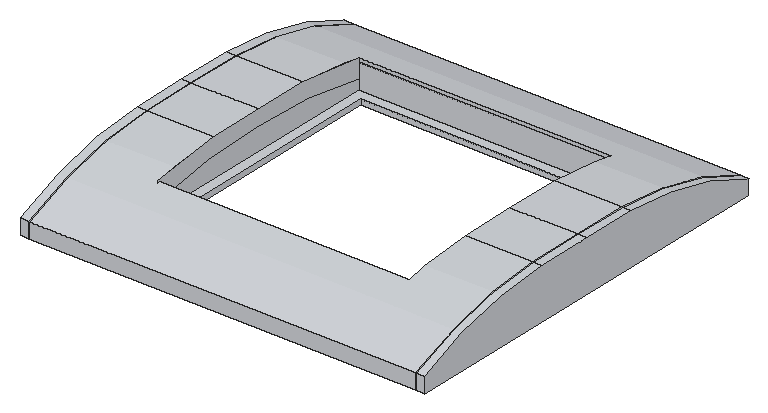
Revit family "Gira_100251", category Electrical Fixtures, host Face, Revit 2017
Family settings
  Host = Face
  Maintain Annotation Orientation = No
  Round Connector Dimension = Use Diameter
  Part Type = Normal
  Cut with Voids When Loaded = No
  Shared = No
  Room Calculation Point = No
Parameters (values of type "Abdeckrahmen 2f o.M. Zwischenr. F Alu Gira Event Opak Mint")
  Werkstoffgüte = "Thermoplast"
  Werkstoff = "Kunststoff"
  URL = "http://katalog.gira.de/de_DE/datenblatt.html?artikelnr=100251"
  Transparent = "No"
  Textfeld/Beschriftungsfläche = "No"
  Schutzart (IP) = "IP20"
  Region = "DE"
  Oberfläche = "sonstige"
  Name = "Abdeckrahmen 2f o.M. Zwischenr. F Alu Gira Event Opak Mint"
  Montagerichtung = "horizontal und vertikal"
  Mit Montagerahmen = "No"
  Mit Klappdeckel = "No"
  Manufacturer URL = "https://www.gira.de/"
  Keynote = "Event_Rahmen_2fach o.Mittelsteg"
  HeinzeBIM = "https://bimportal.heinze.de/bim/abdeckrahmen-2f-o-m-zwischenr-f-alu-gira-event-opak-mint/f8a78e6d4bc1d8f48a728df70d56978df138d0f4"
  Halogenfrei = "Yes"
  HAN = "100251"
  Geeignet für Unterputz-Installation = "Yes"
  Geeignet für Unterflurkanaldose = "No"
  Geeignet für Geräteeinbaukanal = "No"
  Geeignet für Einbauinstallation = "No"
  GTIN = "4010337002512"
  Farbe = "grün"
  Default Elevation = 1219.2 mm
  Data sheet (1) = "https://katalog.gira.de/de_DE/download.html?artikelnr=100251"
  Category = "Abdeckrahmen"
  Befestigungsart = "Klemmbefestigung"
  Available = "Yes"
  Anzahl der Einheiten vertikal = "2 "
  Anzahl der Einheiten horizontal = "2 "
  Anzahl der Einheiten = "2 "
Reference planes
  plane 1 "Center (Front/Back)": y = 0
  plane 2: z = 0
  plane 3 "Center (Left/Right)": x = 0
Forms (mm)
  Extrusion 1, solid, detail levels fine
    sketch origin (0, 0, 1.55) x (0, 1, 0) y (0, 0, 1)
      loop
        arc (12.445, 9.683) -> (6.223, 9.833) -> (0, 9.85) r 291.636
        arc (0, 9.85) -> (-6.223, 9.833) -> (-12.445, 9.683) r 291.636
        arc (-12.445, 9.683) -> (-29.14, 7.482) -> (-45, 1.823) r 79.728
        line (-45, 1.823) -> (-45, -1.55) -> (-41.777, -1.55) -> (-41.777, -0.55)
        arc (-41.777, -0.55) -> (-21.205, 4.846) -> (0, 6.467) r 118.15
        arc (0, 6.467) -> (21.205, 4.846) -> (41.777, -0.55) r 118.15
        line (41.777, -0.55) -> (41.777, -1.55) -> (45, -1.55) -> (45, 1.823)
        arc (45, 1.823) -> (29.14, 7.482) -> (12.445, 9.683) r 79.728
    from -43 to 43
  Extrusion 2, void, detail levels fine
    sketch origin (0, 0, 0) x (1, 0, 0) y (0, 1, 0)
      loop
        line (-28, -28) -> (28, -28) -> (28, 28) -> (-28, 28) -> (-28, -28)
    from 2.85 to 12
  Extrusion 3, solid, detail levels coarse
    sketch origin (0, 0, 0) x (1, 0, 0) y (0, 1, 0)
      loop
        line (-45, 45) -> (-45, -45) -> (45, -45) -> (45, 45) -> (-45, 45)
    from 0 to 11.4
  Extrusion 4, solid, detail levels medium
    sketch origin (0, 0, 1.55) x (0, 1, 0) y (0, 0, 1)
      loop
        arc (12.445, 9.683) -> (6.223, 9.833) -> (0, 9.85) r 291.636
        arc (0, 9.85) -> (-6.223, 9.833) -> (-12.445, 9.683) r 291.636
        arc (-12.445, 9.683) -> (-29.14, 7.482) -> (-45, 1.823) r 79.728
        line (-45, 1.823) -> (-45, -1.55) -> (45, -1.55) -> (45, 1.823)
        arc (45, 1.823) -> (29.14, 7.482) -> (12.445, 9.683) r 79.728
    from -45 to 45
  Extrusion 5, solid, detail levels fine
    sketch origin (0, 0, 0) x (0, 1, 0) y (0, 0, 1)
      loop
        arc (45, 3.373) -> (29.14, 9.032) -> (12.445, 11.233) r 79.728
        arc (12.445, 11.233) -> (6.223, 11.383) -> (0, 11.4) r 291.636
        arc (0, 11.4) -> (-6.223, 11.383) -> (-12.445, 11.233) r 291.636
        arc (-12.445, 11.233) -> (-29.14, 9.032) -> (-45, 3.373) r 79.728
        line (-45, 3.373) -> (-45, 0) -> (45, 0) -> (45, 3.373)
    from 43 to 45
  Extrusion 6, solid, detail levels fine
    sketch origin (0, 0, 0) x (0, 1, 0) y (0, 0, -1)
      loop
        line (45, -3.373) -> (45, 0) -> (-45, 0) -> (-45, -3.373)
        arc (-45, -3.373) -> (-29.14, -9.032) -> (-12.445, -11.233) r 79.728
        arc (-12.445, -11.233) -> (-6.223, -11.383) -> (0, -11.4) r 291.636
        arc (0, -11.4) -> (6.223, -11.383) -> (12.445, -11.233) r 291.636
        arc (12.445, -11.233) -> (29.14, -9.032) -> (45, -3.373) r 79.728
    from 43 to 45
  Extrusion 7, solid, detail levels fine
    sketch origin (0, 0, 0) x (1, 0, 0) y (0, 1, 0)
      loop
        line (-25.7, 25.7) -> (-25.7, -25.7) -> (25.7, -25.7) -> (25.7, 25.7) -> (-25.7, 25.7)
      loop
        line (-29.495, 27.895) -> (-29.495, -27.895)
        spline (-29.495, -27.895) -> (-29.486, -28.025) -> (-29.461, -28.154) -> (-29.419, -28.278) -> (-29.361, -28.395) -> (-29.288, -28.504) -> (-29.202, -28.602) -> (-29.104, -28.688) -> (-28.995, -28.761) -> (-28.878, -28.819) -> (-28.754, -28.861) -> (-28.625, -28.886) -> (-28.495, -28.895)
        line (-28.495, -28.895) -> (28.495, -28.895)
        spline (28.495, -28.895) -> (28.625, -28.886) -> (28.754, -28.861) -> (28.878, -28.819) -> (28.995, -28.761) -> (29.104, -28.688) -> (29.202, -28.602) -> (29.288, -28.504) -> (29.361, -28.395) -> (29.419, -28.278) -> (29.461, -28.154) -> (29.486, -28.025) -> (29.495, -27.895)
        line (29.495, -27.895) -> (29.495, 27.895)
        spline (29.495, 27.895) -> (29.486, 28.025) -> (29.461, 28.154) -> (29.419, 28.278) -> (29.361, 28.395) -> (29.288, 28.504) -> (29.202, 28.602) -> (29.104, 28.688) -> (28.995, 28.761) -> (28.878, 28.819) -> (28.754, 28.861) -> (28.625, 28.886) -> (28.495, 28.895)
        line (28.495, 28.895) -> (-28.495, 28.895)
        spline (-28.495, 28.895) -> (-28.625, 28.886) -> (-28.754, 28.861) -> (-28.878, 28.819) -> (-28.995, 28.761) -> (-29.104, 28.688) -> (-29.202, 28.602) -> (-29.288, 28.504) -> (-29.361, 28.395) -> (-29.419, 28.278) -> (-29.461, 28.154) -> (-29.486, 28.025) -> (-29.495, 27.895)
    from 1.673 to 8.5
Cuts and joins
  Extrusion 2 cuts Extrusion 1
  Extrusion 2 cuts Extrusion 7
Dimensions and locks
  aligned and locked: plane 2 to host face
  aligned and locked: level to host face
